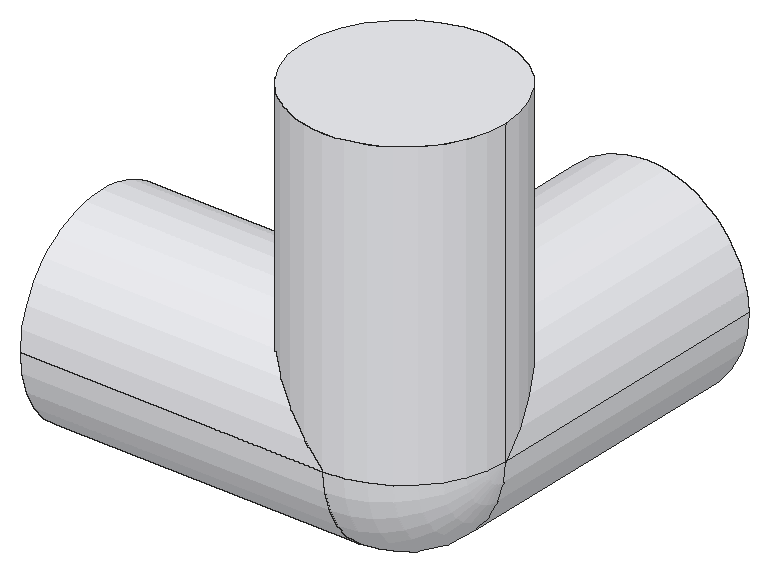
Revit family "PA_Тройник [фитинг полипропиленовый - тройник двухплоскостной VTp.738.0]1 - VALTEC", category Арматура трубопроводов, Revit 2019
Family settings
  Размер круглого соединителя = Использовать диаметр
  Тип детали = Клапан - Вставляется
  На основе рабочей плоскости = Нет
  Всегда вертикально = Да
  При загрузке вырезать с полостями = Нет
  Общий = Нет
Parameters (values of type "VTp.738.0")
  Таблица = "PA_Тройник [фитинг полипропиленовый - тройник двухплоскостной VTp.738.0] - VALTEC"  # constant formula
  Пользовательский [instance] = no
  Manufacturer = ""
  dn1 [instance] = size_lookup(Таблица, "dn1", 0 mm, d)  # 26.8 mm
  d [instance] = 20 mm
  URL = "https://valtec.ru/"
  C [instance] = size_lookup(Таблица, "C", 0 mm, d)  # 40 mm
  B [instance] = size_lookup(Таблица, "B", 0 mm, d)  # 25.5 mm
  ADSK_Примечание [instance] = ""
  ADSK_Позиция [instance] = ""
  ADSK_Обозначение [instance] = "VTp.738.0"  # constant formula
  ADSK_Наименование [instance] = size_lookup(Таблица, "", "Данный типоразмер отсутствует", d)  # "Фитинг полипропиленовый - тройник двухплоскостной, 20 мм"
  ADSK_Материал = Пластик белый - VALTEC
  ADSK_Масса [instance] = size_lookup(Таблица, "Масса", 0, d)  # 0.021
  ADSK_Марка [instance] = size_lookup(Таблица, "Маркировка", "Данный типоразмер отсутствует", d)  # "20 мм"
  ADSK_Код изделия [instance] = size_lookup(Таблица, "Код продукта", "Данный типоразмер отсутствует", d)  # "VTp.738.0.020"
  ADSK_Завод-изготовитель [instance] = "VALTEC"  # constant formula
  ADSK_Единица измерения [instance] = "шт."  # constant formula
  ADSK_URL страницы изделия = "https://valtec.ru/catalog/sistemy_polipropilenovyh_truboprovodov/polipropilenovye_fitingi/fiting_polipropilenovyj_trojnik_dvuhploskostnoj_vtp7380.html"
  ADSK_URL документации изделия = "https://valtec.ru/document/technical/VTp.700-fitingi-0419.pdf"
Reference planes
  plane 1 "По центру (Вперед/Назад)": y = 0
  plane 2: z = 0
  plane 3 "По центру (Влево/Вправо)": x = 0
  plane 4: x = -40
  plane 5: y = 40
  plane 6: z = 40
  plane 7: y = 13.4
  plane 8: y = -13.4
  plane 9: x = -13.4
  plane 10: x = 13.4
Forms (mm)
  Extrusion 1, solid, material "Пластик белый - VALTEC" <- "ADSK_Материал", detail levels medium+fine
    sketch origin (0, 0, 0) x (0, 1, 0) y (0, 0, 1)
      loop
        circle (0, 0) r 13.4
    from -40 to 0
  Extrusion 2, solid, material "Пластик белый - VALTEC" <- "ADSK_Материал", detail levels medium+fine
    sketch origin (0, 0, 0) x (1, 0, 0) y (0, 0, 1)
      loop
        circle (0, 0) r 13.4
    from -40 to 0
  Extrusion 3, solid, material "Пластик белый - VALTEC" <- "ADSK_Материал", detail levels medium+fine
    sketch origin (0, 0, 0) x (1, 0, 0) y (0, 1, 0)
      loop
        circle (0, 0) r 13.4
    from 0 to 40
  Revolve 4, solid, material "Пластик белый - VALTEC" <- "ADSK_Материал", detail levels medium+fine
    sketch origin (0, 0, 0) x (1, 0, 0) y (0, 1, 0)
      loop
        arc (0, -13.4) -> (9.475, -9.475) -> (13.4, 0) r 13.4
        line (13.4, 0) -> (0, 0) -> (0, -13.4)
      axis (13.4, 0) -> (0, 0)
    angle from 0 to 360
Cuts and joins
  joined: Extrusion 1, Extrusion 2, Extrusion 3, Revolve 4
Lines and regions (mm)
  model lines, detail levels coarse
    curve 1: line (0, 40, 0) -> (0, 0, 0)
    curve 2: line (0, 0, 0) -> (-40, 0, 0)
    curve 3: line (0, 0, 0) -> (0, 0, 40)
  reference lines
    curve 4: line (0, 0, 40) -> (0, 0, 0)
    curve 5: line (0, 0, 0) -> (-40, 0, 0)
    curve 6: line (0, 0, 0) -> (0, 40, 0)
Dimensions and locks
  "C": plane 1 "По центру (Вперед/Назад)" to plane 5
  "C": plane 4 to plane 3 "По центру (Влево/Вправо)"
  "C": plane 6 to plane 2
  equal spacing: plane 8, plane 1 "По центру (Вперед/Назад)", plane 7
  "dn1": plane 8 to plane 7
  equal spacing: plane 9, plane 3 "По центру (Влево/Вправо)", plane 10
  "dn1": plane 9 to plane 10
  "dn1": diameter of Extrusion 1 sketch curve
  "dn1": diameter of Extrusion 2 sketch curve
  "dn1": diameter of Extrusion 3 sketch curve
  "dn1": diameter of Revolve 4 sketch curve
  aligned and locked: level to plane 2
  aligned and locked: level to Extrusion 1 sketch curve
  aligned and locked: plane 1 "По центру (Вперед/Назад)" to Extrusion 1 sketch curve
  aligned and locked: plane 3 "По центру (Влево/Вправо)" to Extrusion 2 sketch curve
  aligned and locked: plane 2 to Extrusion 2 sketch curve
  aligned and locked: plane 3 "По центру (Влево/Вправо)" to Extrusion 3 sketch curve
  aligned and locked: plane 1 "По центру (Вперед/Назад)" to Extrusion 3 sketch curve
  aligned and locked: plane 1 "По центру (Вперед/Назад)" to Extrusion 2
  aligned and locked: plane 5 to Extrusion 2
  aligned and locked: Extrusion 1 to plane 4
  aligned and locked: plane 3 "По центру (Влево/Вправо)" to Extrusion 1
  aligned and locked: Extrusion 3 to level
  aligned and locked: Extrusion 3 to plane 6
  aligned and locked: plane 3 "По центру (Влево/Вправо)" to curve 2
  aligned and locked: plane 4 to curve 2
  aligned and locked: plane 1 "По центру (Вперед/Назад)" to curve 1
  aligned and locked: plane 5 to curve 1
  aligned and locked: curve 1 to plane 3 "По центру (Влево/Вправо)"
  aligned and locked: plane 2 to curve 3
  aligned and locked: plane 6 to curve 3
  aligned and locked: plane 3 "По центру (Влево/Вправо)" to curve 3
  aligned and locked: plane 6 to curve 4
  aligned and locked: plane 2 to curve 4
  aligned and locked: plane 1 "По центру (Вперед/Назад)" to Revolve 4 sketch curve
  aligned and locked: plane 3 "По центру (Влево/Вправо)" to Revolve 4 sketch curve
  aligned and locked: Revolve 4 sketch curve to plane 1 "По центру (Вперед/Назад)"
  aligned and locked: plane 4 to curve 5
  aligned and locked: plane 3 "По центру (Влево/Вправо)" to curve 5
  aligned and locked: plane 1 "По центру (Вперед/Назад)" to curve 6
  aligned and locked: plane 5 to curve 6
  aligned and locked: curve 4 to plane 3 "По центру (Влево/Вправо)"
Automatic sketch dimensions
  Revolve 4 sketch curve to plane 4 = 1960 mm
  Revolve 4 sketch curve to plane 10 = 1986.6 mm
Connectors
  piping at (-40, 0, 0), diameter 20, driven by "d"
    settings: on curve 5, index 1, connector inside diameter 609.6 mm, connector length 0 mm, flow factor 0, pipe flow 0.0 L/s, pressure drop 0.0 Pa, fitting loss kfactor 0, connector angle 0.00°, fixture units 0, engagement length 0 mm, angle of deflection 0.00°, flow configuration 0, flow direction 0, fitting loss method 0, system type 28, joint type 0, gender type 0, connector reference index 2, connector utility 0, adjustable connector no, is connector primary yes, connector description ""
  piping at (0, 40, 0), diameter 20, driven by "d"
    settings: on curve 6, index 2, connector inside diameter 609.6 mm, connector length 0 mm, flow factor 0, pipe flow 0.0 L/s, pressure drop 0.0 Pa, fitting loss kfactor 0, connector angle 0.00°, fixture units 0, engagement length 0 mm, angle of deflection 0.00°, flow configuration 0, flow direction 0, fitting loss method 0, system type 28, joint type 0, gender type 0, connector reference index 1, connector utility 0, adjustable connector no, is connector primary no, connector description ""
  piping at (0, 0, 40), diameter 20, driven by "d"
    settings: on curve 4, index 3, connector inside diameter 609.6 mm, connector length 0 mm, flow factor 0, pipe flow 0.0 L/s, pressure drop 0.0 Pa, fitting loss kfactor 0, connector angle 0.00°, fixture units 0, engagement length 0 mm, angle of deflection 0.00°, flow configuration 0, flow direction 0, fitting loss method 0, system type 28, joint type 0, gender type 0, connector reference index -1, connector utility 0, adjustable connector no, is connector primary no, connector description ""
